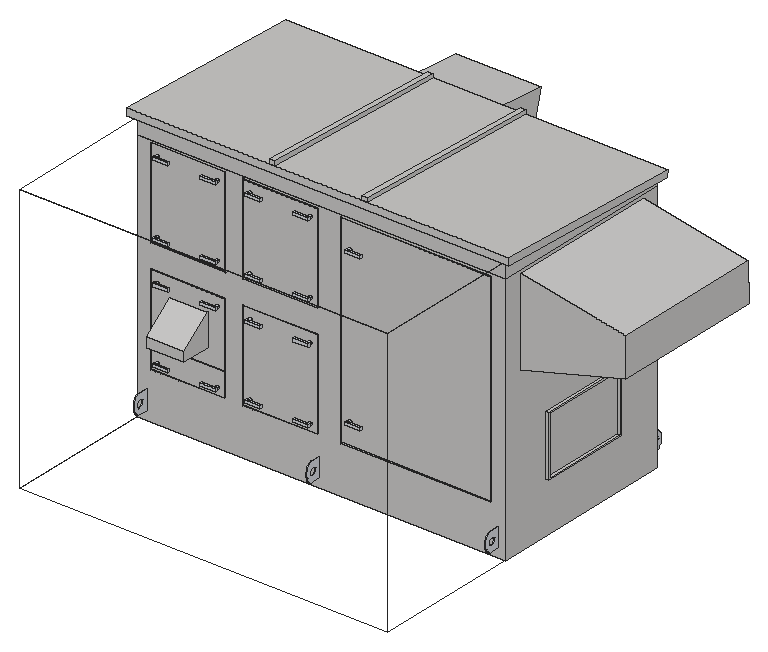
Revit family "DN-2RT-2FP-EH", category Mechanical Equipment, Revit 2016
Family settings
  Part Type = Normal
  Round Connector Dimension = Use Diameter
  OmniClass Number = 23.75.00.00
  OmniClass Title = Climate Control (HVAC)
  Work Plane-Based = No
  Always vertical = Yes
  Cut with Voids When Loaded = No
  Shared = No
  Room Calculation Point = No
Parameters (values of type "2 @ 1.35 kW ea.")
  Voltage [instance] = "200-277 V"
  Unit Weight Range (lbs) [instance] = "1925-2325 lbs."
  Max. Shipping Weight (lbs) [instance] = "2125-2525 lbs."
  Unit Dimensions (L x W x H) [instance] = "129-5/8\" x 78-5/8\" x 75-1/8\""
  Shipping Dimensions (Lx W x H) [instance] = "120\" x 90\" x 81\""
  Unit [instance] = Renewaire - Galvanized Steel
  URL = "www.renewaire.com"
  Typical Airflow Range = "375-1,650 CFM"
  Standard Features [instance] = "EC Motors for both airstreams, Direct drive backward inclined plenum, Higher ESP of up to 2\" w.g. at 1,500 CFM, Integrated programmable controls, True 100% face and bypass enthalpy based modulating economizer, Class 1 low leakage motorized isolation dampers, Stainless steel double-sloped drain pan with cooling option, 1\" Double wall foam injected 20 gauge galvanized panel construction with R6.5 insulation"
  Service Area Visibility [instance] = yes
  Service Area Box [instance] = Renewaire - Interference
  Revit Object Download Link [instance] = ""
  Phase [instance] = "Single"
  Options [instance] = "Heat pump, Modulating hot gas reheat, Steam or hot water coil, gas heat module or electric heater, Onboard variable frequency drives (VFDs) - both airstreams, Fused disconnect, Spring isolators (VFDs only), 2\" Double wall foam injected 20 gauge galvanized panel construction with R13 insulation, Exterior paint - grey, white, custom color, Salt spray - 2500 hours, BACNET factory activation, GFCI convenience outlet, Recirculation damper, Drain overflow switch, Mist Eliminator, Electrofin coating for coils"
  Number Motors [instance] = "Qty. 2, Direct drive motorized impeller packages"
  Model = "DN-2RT-2FP-EH"
  Minimum Circuit Amps [instance] = "15.1 A"
  Maximum Overcurrent Protection [instance] = "20 A"
  Manufacturer = "Renewaire LLC"
  Inlets/Outlets [instance] = "OA & RA Inlets: 24\" x 16\", SA Outlet: 24\" x 16\", EA Outlet: 20\" x 16\""
  Frequency [instance] = "50/60 Hz"
  Filters [instance] = "Total qty. 4, MERV 8: 16\" x 20\" x 2\""
  FLA per Motor [instance] = "6.7-4.8"
  Energy Recovery Type [instance] = "Static plate total energy transfer"
  Description = "Energy Recovery Ventilator"
  Accessories [instance] = "Filters - MERV 13, 2\"  and 4\" (shipped loose), MERV 14, 2\" and 4\" (shipped loose), Additional filters available upon request, Roof curb - standard 14\", Hurricane or seismic rated curbs, Curb clip kit, Carbon dioxide sensor/control - wall mount (CO2-W), duct mount (CO2-D), IAQ sensor - wall mount (IAQ-W), duct mount (IAQ-D), Motion occupancy sensor/control - ceiling mount (MC-C), wall mount (MC-W), Smoke detector, Room temperature and humidity sensor, Duct static pressure sensor with display to 10\", without display 0-2\", Room pressure sensor with display to 1\", without display 0-1\", Waterless trap negative pressure, Waterless trap positive pressure, Remote display"
  AHRI 1060 Certified Core [instance] = "One L-62-G5 and one L-125-G5"
Types (7): name | Voltage | Phase | Minimum Circuit Amps | Maximum Overcurrent Protection | FLA per Motor
  (no name) | "200-277 V" | "Single" | "15.1 A" | "20 A" | "6.7-4.8"
  2 @ 1.35 kW ea. | "200-277 V" | "Single" | "15.1 A" | "20 A" | "6.7-4.8"
  2 @ 2.70 kW ea. | "200-240 V" | "Three" | "19.4 A" | "25 A" | "8.6-7.2"
  2 @ 3.70 kW ea. | "380-480 V" | "Three" | "13.5 A" | "15 A" | "6.0-4.6"
  2 @ 3HP ea. 208-230V | "208-230 V" | "Three" | "20.3 A" | "25 A" | "9-8.4/4.2"
  2 @ 3HP ea. 460V | "460V" | "Three" | "9.5 A" | "15 A" | "4.2"
  2 @ 3HP ea. 575V | "575V" | "Three" | "7.4 A" | "15 A" | "3.3"
Reference planes (in)
  plane 1 "Center (Front/Back)": y = 0
  plane 2: z = 0
  plane 3 "Center (Left/Right)": x = 0
  plane 4: y = -25
  plane 5: x = -37.375
Forms (in)
  Extrusion 1, solid, material "Renewaire - Galvanized Steel" <- "Unit"
    sketch origin (0, 0.03854, 0) x (1, 0, 0) y (0, 1, 0)
      loop
        line (-37.375, 24.96146) -> (-37.375, -25.03854) -> (60, -25.03854) -> (60, 24.96146) -> (-37.375, 24.96146)
    from 0 to 66.875
  Extrusion 2, void
    sketch origin (-1.5, 0, 2.5) x (1, 0, 0) y (0, 0, 1)
      loop
        line (-32.61405, 63.824) -> (-32.61405, 39.82399) -> (-12.61406, 39.82399) -> (-12.61406, 63.824) -> (-32.61405, 63.824)
      loop
        line (-8.08447, 63.824) -> (-8.08447, 39.82399) -> (11.91553, 39.82399) -> (11.91553, 63.824) -> (-8.08447, 63.824)
      loop
        line (-32.61405, 33.824) -> (-32.61405, 9.824) -> (-12.61406, 9.824) -> (-12.61406, 33.824) -> (-32.61405, 33.824)
      loop
        line (-8.08447, 33.824) -> (-8.08447, 9.824) -> (11.91553, 9.824) -> (11.91553, 33.824) -> (-8.08447, 33.824)
      loop
        line (17.8315, 63.824) -> (17.8315, 9.824) -> (57.8315, 9.824) -> (57.8315, 63.824) -> (17.8315, 63.824)
    from 24 to 26
  Extrusion 3, void
    sketch origin (0, 0, 0) x (1, 0, 0) y (0, 1, 0)
      loop
        line (-35.375, 23) -> (-35.375, -23) -> (58, -23) -> (58, 23) -> (-35.375, 23)
    from 0 to 6.84749
  Extrusion 4, void
    sketch origin (0, 0, 0) x (1, 0, 0) y (0, 1, 0)
      loop
        line (-31.82057, 18.12494) -> (-31.82057, -5.87506) -> (-15.82056, -5.87506) -> (-15.82056, 18.12494) -> (-31.82057, 18.12494)
      loop
        line (37.26881, 11.99993) -> (37.26881, -12.00007) -> (53.26881, -12.00007) -> (53.26881, 11.99993) -> (37.26881, 11.99993)
    from 6 to 7.125
  Extrusion 5, solid, material "Renewaire - Galvanized Steel" <- "Unit"
    sketch origin (0, 0, 2) x (0, 1, 0) y (0, 0, 1)
      loop
        line (18.60019, 30.89209) -> (-5.39982, 30.89209) -> (-5.39982, 14.89209) -> (18.60019, 14.89209) -> (18.60019, 30.89209)
      loop
        line (18.35019, 30.64209) -> (-5.14982, 30.64209) -> (-5.14982, 15.14209) -> (18.35019, 15.14209) -> (18.35019, 30.64209)
    from -37.375 to -38.375
  Extrusion 6, solid, material "Renewaire - Galvanized Steel" <- "Unit"
    sketch origin (0, 0, 2) x (0, 1, 0) y (0, 0, 1)
      loop
        line (-12.00006, 27.784) -> (-12.00006, 11.78399) -> (11.99994, 11.78399) -> (11.99994, 27.784) -> (-12.00006, 27.784)
      loop
        line (-11.75006, 27.534) -> (-11.75006, 12.03399) -> (11.74994, 12.03399) -> (11.74994, 27.534) -> (-11.75006, 27.534)
    from 60 to 61
  Extrusion 7, solid, material "Renewaire - Galvanized Steel" <- "Unit"
    sketch origin (-1.5, 0, 2.5) x (1, 0, 0) y (0, 0, 1)
      loop
        line (18.10032, 63.574) -> (18.10032, 10.324) -> (57.60032, 10.324) -> (57.60032, 63.574) -> (18.10032, 63.574)
      loop
        line (-32.34523, 63.574) -> (-32.34523, 40.07399) -> (-12.84523, 40.07399) -> (-12.84523, 63.574) -> (-32.34523, 63.574)
      loop
        line (-7.81564, 63.574) -> (-7.81564, 40.07399) -> (11.68435, 40.07399) -> (11.68435, 63.574) -> (-7.81564, 63.574)
      loop
        line (-7.81564, 33.574) -> (-7.81564, 10.074) -> (11.68435, 10.074) -> (11.68435, 33.574) -> (-7.81564, 33.574)
      loop
        line (-32.34523, 10.074) -> (-12.84523, 10.074) -> (-12.84523, 16.074) -> (-32.34523, 16.074) -> (-32.34523, 10.074)
      loop
        line (-32.34523, 33.574) -> (-32.34523, 16.324) -> (-12.84523, 16.324) -> (-12.84523, 33.574) -> (-32.34523, 33.574)
    from 24 to 25
  Extrusion 8, solid, material "Renewaire - Interference" <- "Service Area Box", visible <- "Service Area Visibility"
    sketch origin (0, 0, 0) x (1, 0, 0) y (0, 1, 0)
      loop
        line (-37.375, -25) -> (-37.375, -64) -> (60, -64) -> (60, -25) -> (-37.375, -25)
    from 71 to 0
  Extrusion 9, solid, material "Renewaire - Galvanized Steel" <- "Unit"
    sketch origin (0, 1, 1) x (0, 1, 0) y (0, 0, 1)
      loop
        line (24, 65.37584) -> (24, 47.19321) -> (33.39638, 47.19321) -> (43.03161, 56.49784) -> (44.92004, 63.54557) -> (24, 65.37584)
    from 12.5814 to -9.96261
  Extrusion 10, solid, material "Renewaire - Galvanized Steel" <- "Unit"
    sketch origin (0, 0, 0) x (1, 0, 0) y (0, 0, 1)
      loop
        line (60, 66.14512) -> (60, 43.33282) -> (88.06702, 50.94615) -> (88.06702, 61.19615) -> (60, 66.14512)
    from 20.33014 to -20.26562
  Extrusion 11, solid, material "Renewaire - Galvanized Steel" <- "Unit"
    sketch origin (0, -1, 0) x (0, 1, 0) y (0, 0, 1)
      loop
        line (-24, 31.20717) -> (-31.6831, 25.20447) -> (-31.6831, 22.70447) -> (-24, 22.70447) -> (-24, 31.20717)
    from -19 to -29
  Extrusion 12, solid, material "Renewaire - Galvanized Steel" <- "Unit"
    sketch origin (22.62501, 0, -2.1393) x (1, 0, 0) y (0, 0, 1)
      loop
        line (-60, 29.90852) -> (-63.62222, 28.93794) -> (-62.38755, 24.3301) -> (-60, 24.3301) -> (-60, 29.90852)
    from 12.49361 to 7.68661
  Extrusion 13, solid, material "Renewaire - Galvanized Steel" <- "Unit"
    sketch origin (0, 0, 0) x (0, 1, 0) y (0, 0, 1)
      loop
        line (25, 68.97768) -> (-25, 71.21628) -> (-25, 66.875) -> (25, 66.875) -> (25, 68.97768)
    from 60 to -37.375
  Extrusion 14, solid, material "Renewaire - Galvanized Steel" <- "Unit"
    sketch origin (0, 0, 0) x (0, 1, 0) y (0, 0, 1)
      loop
        line (26.25341, 70.90076) -> (-26.19982, 73.11627) -> (-26.28422, 71.11805) -> (26.16901, 68.90254) -> (26.25341, 70.90076)
    from 61.85788 to -39.375
  Extrusion 15, solid, material "Renewaire - Galvanized Steel" <- "Unit"
    sketch origin (0, 0, 0) x (0, 1, 0) y (0, 0, 1)
      loop
        line (26.25341, 70.90076) -> (26.29557, 71.89898) -> (-26.15766, 74.11449) -> (-26.19982, 73.11627) -> (26.25341, 70.90076)
    from -0.26541 to -1.64943
  Extrusion 16, solid, material "Renewaire - Galvanized Steel" <- "Unit"
    sketch origin (0, 0, 0) x (0, 1, 0) y (0, 0, 1)
      loop
        line (26.25341, 70.90076) -> (26.29557, 71.89898) -> (-26.15766, 74.11449) -> (-26.19982, 73.11627) -> (26.25341, 70.90076)
    from 22.86707 to 24.31637
Cuts and joins
  Extrusion 2, Extrusion 3, Extrusion 4 cuts Extrusion 1
Dimensions and locks (in)
  aligned and locked: level to plane 2
  aligned and locked: Extrusion 7 sketch curve to Extrusion 7 sketch curve
  aligned and locked: Extrusion 8 to Extrusion 13
Nested families (in)
  nested 1: "Lifting Lug" at (-35.17114, -25, 2.03309) x (0, -1, 0) z (0, 0, 1), Material <- "Unit", type "Lifting Lug"
    with Material Renewaire - Galvanized Steel
  nested 2: "Lifting Lug" at (10.625, -25, 2.03309) x (0, -1, 0) z (0, 0, 1), Material <- "Unit", type "Lifting Lug"
    with Material Renewaire - Galvanized Steel
  nested 3: "Lifting Lug" at (57.96896, -25, 2.03309) x (0, -1, 0) z (0, 0, 1), Material <- "Unit", type "Lifting Lug"
    with Material Renewaire - Galvanized Steel
  nested 4: "Handle" at (-16.28433, -25, 63.5), type "Handle"
    with Right Handle no, Left Handle yes, Flip yes
  nested 5: "Handle" at (-16.28433, -25, 44.36337), type "Handle"
    with Right Handle no, Left Handle yes, Flip yes
  nested 6: "Handle" at (-32.15613, -25, 63.5) x (-1, 0, 0) z (0, 0, 1), type "Handle"
    with Right Handle no, Left Handle yes, Flip yes
  nested 7: "Handle" at (-32.15613, -25, 44.36337) x (-1, 0, 0) z (0, 0, 1), type "Handle"
    with Right Handle no, Left Handle yes, Flip yes
  nested 8: "Handle" at (8.24525, -25, 63.5), type "Handle"
    with Right Handle no, Left Handle yes, Flip yes
  nested 9: "Handle" at (8.24525, -25, 44.36337), type "Handle"
    with Right Handle no, Left Handle yes, Flip yes
  nested 10: "Handle" at (-7.62654, -25, 63.5) x (-1, 0, 0) z (0, 0, 1), type "Handle"
    with Right Handle no, Left Handle yes, Flip yes
  nested 11: "Handle" at (-7.62654, -25, 44.36337) x (-1, 0, 0) z (0, 0, 1), type "Handle"
    with Right Handle no, Left Handle yes, Flip yes
  nested 12: "Handle" at (8.24525, -25, 33.5), type "Handle"
    with Right Handle no, Left Handle yes, Flip yes
  nested 13: "Handle" at (8.24525, -25, 14.36338), type "Handle"
    with Right Handle no, Left Handle yes, Flip yes
  nested 14: "Handle" at (-7.62654, -25, 33.5) x (-1, 0, 0) z (0, 0, 1), type "Handle"
    with Right Handle no, Left Handle yes, Flip yes
  nested 15: "Handle" at (-7.62654, -25, 14.36338) x (-1, 0, 0) z (0, 0, 1), type "Handle"
    with Right Handle no, Left Handle yes, Flip yes
  nested 16: "Handle" at (-16.28433, -25, 33.5), type "Handle"
    with Right Handle no, Left Handle yes, Flip yes
  nested 17: "Handle" at (-16.28433, -25, 14.36338), type "Handle"
    with Right Handle no, Left Handle yes, Flip yes
  nested 18: "Handle" at (-32.15613, -25, 33.5) x (-1, 0, 0) z (0, 0, 1), type "Handle"
    with Right Handle no, Left Handle yes, Flip yes
  nested 19: "Handle" at (-32.15613, -25, 14.36338) x (-1, 0, 0) z (0, 0, 1), type "Handle"
    with Right Handle no, Left Handle yes, Flip yes
  nested 20: "Lifting Lug" at (-35.17114, 25, 2.01659) x (0, 1, 0) z (0, 0, 1), Material <- "Unit", type "Lifting Lug"
    with Material Renewaire - Galvanized Steel
  nested 21: "Lifting Lug" at (10.625, 25, 2.01659) x (0, 1, 0) z (0, 0, 1), Material <- "Unit", type "Lifting Lug"
    with Material Renewaire - Galvanized Steel
  nested 22: "Lifting Lug" at (57.96896, 25, 2.01659) x (0, 1, 0) z (0, 0, 1), Material <- "Unit", type "Lifting Lug"
    with Material Renewaire - Galvanized Steel
  nested 23: "Handle" at (18.76858, -25, 59.2618) x (-1, 0, 0) z (0, 0, 1), type "Handle"
    with Right Handle no, Left Handle yes, Flip yes
  nested 24: "Handle" at (18.76858, -25, 18.5118) x (-1, 0, 0) z (0, 0, 1), type "Handle"
    with Right Handle no, Left Handle yes, Flip yes
Connectors (in)
  hvac at (61, -0.00006, 21.784)
    settings: on Extrusion 6, index 2, duct flow 0 CFM, flow factor 0, pres drop 0.00 in-wg, loss coef 0, conn angle 0.00°, conn width 24", conn height 16", conn diameter 24", duct sys type 2, conn prof type 1, flow config 0, flow direction 1, loss method 0, conn ref index -1, conn util no, is conn primary yes, conn desc "Return Air (RA)"
  hvac at (-38.375, 6.60018, 24.89209)
    settings: on Extrusion 5, index 6, duct flow 0 CFM, flow factor 0, pres drop 0.00 in-wg, loss coef 0, conn angle 0.00°, conn width 24", conn height 16", conn diameter 24", duct sys type 1, conn prof type 1, flow config 0, flow direction 2, loss method 0, conn ref index -1, conn util no, is conn primary no, conn desc "Supply Air (SA)"
  hvac at (-23.82056, 6.12494, 7.125)
    settings: on cut or joined group of Extrusion 1, Extrusion 2, Extrusion 3, Extrusion 4, index 7, duct flow 0 CFM, flow factor 0, pres drop 0.00 in-wg, loss coef 0, conn angle 0.00°, conn width 24", conn height 16", conn diameter 24", duct sys type 1, conn prof type 1, flow config 0, flow direction 2, loss method 0, conn ref index -1, conn util no, is conn primary no, conn desc "Supply Air (SA)"
  hvac at (45.26881, -0.00007, 7.125)
    settings: on cut or joined group of Extrusion 1, Extrusion 2, Extrusion 3, Extrusion 4, index 8, duct flow 0 CFM, flow factor 0, pres drop 0.00 in-wg, loss coef 0, conn angle 0.00°, conn width 24", conn height 16", conn diameter 24", duct sys type 2, conn prof type 1, flow config 0, flow direction 1, loss method 0, conn ref index -1, conn util no, is conn primary no, conn desc "Return Air (RA)"
Definition of nested family "Lifting Lug"
  Parameters (values of type "Lifting Lug")
    Material [instance] = none
  Reference planes (in)
    plane 1 "Center (Front/Back)": y = 0
    plane 2: z = 0
    plane 3 "Center (Left/Right)": x = 0
  Forms (in)
    Extrusion 1, solid
      sketch origin (0, 0, 0) x (1, 0, 0) y (0, 0, 1)
        loop
          line (0, 0.1875) -> (2, 0.1875)
          arc (2, 0.1875) -> (3.41421, 0.77329) -> (4, 2.1875) r 2
          line (4, 2.1875) -> (4, 3.1875)
          arc (4, 3.1875) -> (3.41421, 4.60171) -> (2, 5.1875) r 2
          line (2, 5.1875) -> (0, 5.1875) -> (0, 0.1875)
        loop
          circle (2.125, 2.6875) r 1
      from 0 to 0.25
  Dimensions and locks (in)
    aligned and locked: plane 2 to level
Definition of nested family "Handle"
  Parameters (values of type "Handle")
    Right Handle [instance] = not(Flip)  # no
    Material = none
    Left Handle [instance] = Flip  # yes
    Flip [instance] = yes
  Reference planes (in)
    plane 1 "Center (Front/Back)": y = 0
    plane 2: z = 0
    plane 3 "Center (Left/Right)": x = 0
  Forms (in)
    Extrusion 1, solid, material <- "Material"
      sketch origin (0, 0, 0) x (1, 0, 0) y (0, 0, 1)
        loop
          circle (0, 0) r 0.375
      from 0 to 0.75
    Extrusion 2, solid, material <- "Material", visible <- "Right Handle"
      sketch origin (0, 0, 0) x (1, 0, 0) y (0, 1, 0)
        loop
          line (-0.375, -0.75) -> (-0.375, -1.25) -> (3.625, -1.25) -> (3.625, -0.75) -> (-0.375, -0.75)
      from -0.375 to 0.375
    Extrusion 3, solid, material <- "Material", visible <- "Left Handle"
      sketch origin (-3.25, 0, 0) x (1, 0, 0) y (0, 1, 0)
        loop
          line (-0.375, -0.75) -> (-0.375, -1.25) -> (3.625, -1.25) -> (3.625, -0.75) -> (-0.375, -0.75)
      from -0.375 to 0.375
  Dimensions and locks (in)
    aligned and locked: plane 2 to level
